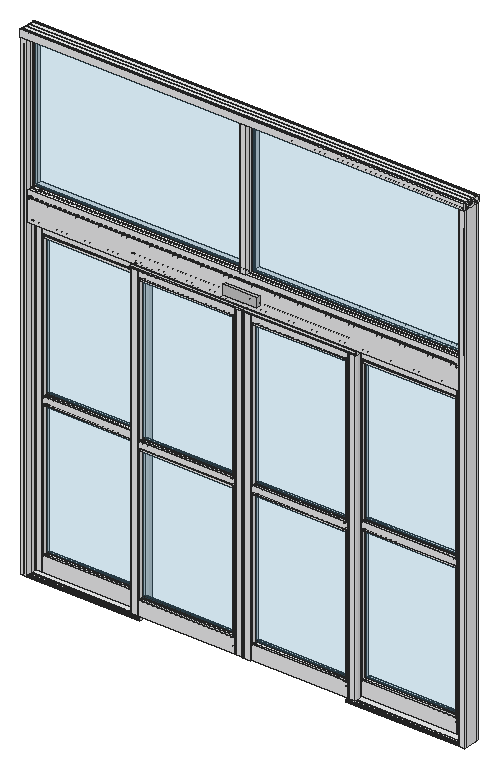
Revit family "2-6-11_Sliding-Door_TX9300SL_Bipart-Inside-Slide-w-Transom-SO-SX-SX-SO_Tormax", category Doors, host Wall, Revit 2026 (continued)
Definition of nested family "Door-Sliding-Tormax-Panel-SO"
  Dimensions and locks (in)
    plane 16 to Sweep 2 sketch curve to Sweep 2 sketch curve = 0' - 1.37502" locked, 0' - 0 1/8" locked
    equal spacing: plane 13, plane 18 "Handle", plane 11
    locked: plane 19 to plane 2 at 0.5
    plane 20 to plane 17 = 0' - 0 1/2"
    plane 4 to plane 21 = 0' - 0 1/8"
    locked: plane 4 to plane 21 at 0.125
    "Width": radius of curve 2
    aligned and locked: plane 2 to level
    aligned and locked: Sweep 1 sketch curve to plane 10
    aligned and locked: plane 12 to Sweep 2 sketch curve
    aligned and locked: plane 13 to Sweep 2 sketch curve
    aligned and locked: Sweep 2 sketch curve to plane 2
    aligned and locked: plane 14 to Sweep 2 sketch curve
    aligned and locked: Sweep 2 sketch curve to plane 14
    aligned and locked: plane 11 to Sweep 3 sketch curve
    aligned and locked: plane 13 to Sweep 3 sketch curve
    aligned and locked: plane 3 "Center (Left/Right)" to Sweep 4 sketch curve
    aligned and locked: plane 15 to Sweep 4 sketch curve
    aligned and locked: plane 17 to Sweep 4 sketch curve
    aligned and locked: Sweep 4 sketch curve to plane 13
    aligned and locked: plane 13 to Sweep 4 sketch curve
    aligned and locked: plane 12 to Sweep 4 sketch curve
    aligned and locked: Sweep 4 sketch curve to plane 12
    aligned and locked: plane 6 to Extrusion 5 sketch curve
    aligned and locked: plane 7 to Extrusion 5 sketch curve
    aligned and locked: Sweep 6 sketch curve to plane 5
    aligned and locked: plane 16 to Sweep 7 sketch curve
    aligned and locked: plane 14 to Sweep 7 sketch curve
    aligned and locked: plane 12 to Sweep 7 sketch curve
    aligned and locked: Sweep 7 sketch curve to plane 12
    aligned and locked: Sweep 7 sketch curve to plane 13
    aligned and locked: plane 13 to Sweep 7 sketch curve
    aligned and locked: Sweep 2 sketch curve to plane 16  (x2)
    aligned and locked: plane 9 "Exterior" to curve 2  (x2)
    aligned and locked: plane 10 to curve 2
    aligned and locked: plane 5 to curve 4
    aligned and locked: plane 10 to curve 3
    aligned and locked: Sweep 6 sketch curve to plane 17
    aligned and locked: plane 17 to Sweep 6 sketch curve
    aligned and locked: plane 20 to Sweep 6 sketch curve
    aligned and locked: Sweep 6 sketch curve to plane 20
    aligned and locked: Sweep 2 sketch curve to plane 19  (x2)
    aligned and locked: plane 17 to Sweep 2 sketch curve  (x2)
    aligned and locked: Sweep 1 sketch curve to plane 12  (x2)
    aligned and locked: Sweep 3 sketch curve to plane 9 "Exterior"
    aligned and locked: plane 8 "Interior" to Sweep 3 sketch curve
    aligned and locked: plane 19 to Sweep 1 sketch curve
    aligned and locked: plane 19 to Sweep 3 sketch curve
    aligned and locked: plane 19 to curve 4
    aligned and locked: plane 11 to curve 4
    aligned and locked: Sweep 2 sketch curve to plane 21  (x2)
    aligned and locked: plane 21 to Sweep 1 sketch curve
    aligned and locked: plane 11 to curve 3
    aligned and locked: plane 21 to curve 3
    aligned and locked: plane 21 to Sweep 3 sketch curve
  Automatic sketch dimensions
    Sweep 4 sketch curve to Sweep 4 sketch curve = 0' - 0.0122"
    Sweep 4 sketch curve to plane 1 "Center (Front/Back)" = 0' - 0.13997"
    Sweep 4 sketch curve to Sweep 4 sketch curve = 0' - 0"  (x5)
    Sweep 4 sketch curve to Sweep 4 sketch curve = 0' - 0.01301"  (x2)
    plane 1 "Center (Front/Back)" to Sweep 4 sketch curve = 0' - 0.6157"
    Sweep 4 sketch curve to Sweep 4 sketch curve = 0' - 0.04373"  (x2)
    Sweep 4 sketch curve to Sweep 4 sketch curve = 0' - 0.06431"  (x2)
    Sweep 4 sketch curve to Sweep 4 sketch curve = 0' - 0.05599"
    Sweep 4 sketch curve to Sweep 4 sketch curve = 0' - 0.05"  (x8)
    Sweep 4 sketch curve to Sweep 4 sketch curve = 0' - 0.13079"  (x2)
    Sweep 4 sketch curve to Sweep 4 sketch curve = 0' - 0.1438"  (x2)
    Sweep 4 sketch curve to Sweep 4 sketch curve = 0' - 0.0339"  (x2)
    Sweep 4 sketch curve to Sweep 4 sketch curve = 0' - 0.05017"  (x2)
    plane 1 "Center (Front/Back)" to Sweep 4 sketch curve = 0' - 0.49166"
    Sweep 4 sketch curve to Sweep 4 sketch curve = 0' - 0.12404"  (x2)
    Sweep 4 sketch curve to Sweep 4 sketch curve = 0' - 0.06616"  (x2)
    Sweep 4 sketch curve to Sweep 4 sketch curve = 0' - 0.08665"  (x3)
    Sweep 4 sketch curve to Sweep 4 sketch curve = 0' - 0.00586"  (x2)
    Sweep 4 sketch curve to Sweep 4 sketch curve = 0' - 0.0682"  (x2)
    Sweep 4 sketch curve to Sweep 4 sketch curve = 0' - 0.11234"
    Sweep 4 sketch curve to Sweep 4 sketch curve = 0' - 0.09942"  (x4)
    Sweep 4 sketch curve to Sweep 4 sketch curve = 0' - 0.04966"  (x4)
    Sweep 4 sketch curve to plane 1 "Center (Front/Back)" = 0' - 0.12483"
    Sweep 4 sketch curve to Sweep 4 sketch curve = 0' - 0.00209"  (x2)
    Sweep 4 sketch curve to Sweep 4 sketch curve = 0' - 0.03487"  (x4)
    plane 1 "Center (Front/Back)" to Sweep 4 sketch curve = 0' - 0.20955"  (x2)
    plane 1 "Center (Front/Back)" to Sweep 4 sketch curve = 0' - 0.07259"  (x2)
    Sweep 4 sketch curve to Sweep 4 sketch curve = 0' - 0.0719"  (x4)
    Sweep 4 sketch curve to plane 1 "Center (Front/Back)" = 0' - 0.07259"  (x2)
    Sweep 4 sketch curve to plane 1 "Center (Front/Back)" = 0' - 0.09459"  (x2)
    Sweep 4 sketch curve to Sweep 4 sketch curve = 0' - 0.02199"  (x4)
    plane 1 "Center (Front/Back)" to Sweep 4 sketch curve = 0' - 0.09459"  (x2)
    Sweep 4 sketch curve to Sweep 4 sketch curve = 0' - 0.06113"
    Sweep 4 sketch curve to plane 1 "Center (Front/Back)" = 0' - 0.20955"
    plane 1 "Center (Front/Back)" to Sweep 4 sketch curve = 0' - 0.12483"
    Sweep 4 sketch curve to Sweep 4 sketch curve = 0' - 0.06234"
    Sweep 4 sketch curve to Sweep 4 sketch curve = 0' - 0.03026"
    Sweep 4 sketch curve to Sweep 4 sketch curve = 0' - 0.14248"
    Sweep 4 sketch curve to Sweep 4 sketch curve = 0' - 0.09251"
    Sweep 4 sketch curve to Sweep 4 sketch curve = 0' - 0.13361"
    Sweep 4 sketch curve to plane 1 "Center (Front/Back)" = 0' - 0.25955"
    Sweep 4 sketch curve to Sweep 4 sketch curve = 0' - 0.11958"
    Sweep 4 sketch curve to Sweep 4 sketch curve = 0' - 0.14365"
    Sweep 4 sketch curve to Sweep 4 sketch curve = 0' - 0.19365"  (x3)
    Sweep 4 sketch curve to Sweep 4 sketch curve = 0' - 0.25378"  (x2)
    Sweep 4 sketch curve to Sweep 4 sketch curve = 0' - 0.4219"  (x2)
    Sweep 4 sketch curve to Sweep 4 sketch curve = 0' - 0.04971"  (x4)
    Sweep 4 sketch curve to Sweep 4 sketch curve = 0' - 0.08472"  (x5)
    Sweep 4 sketch curve to Sweep 4 sketch curve = 0' - 0.05012"  (x4)
    Sweep 4 sketch curve to Sweep 4 sketch curve = 0' - 0.06945"
    Sweep 4 sketch curve to Sweep 4 sketch curve = 0' - 0.06958"  (x2)
    plane 1 "Center (Front/Back)" to Sweep 4 sketch curve = 0' - 0.13997"  (x2)
    Sweep 4 sketch curve to Sweep 4 sketch curve = 0' - 0.04722"
    Sweep 4 sketch curve to Sweep 4 sketch curve = 0' - 0.02777"
    Sweep 4 sketch curve to Sweep 4 sketch curve = 0' - 0.04144"  (x2)
    Sweep 4 sketch curve to Sweep 4 sketch curve = 0' - 0.08847"
    Sweep 4 sketch curve to Sweep 4 sketch curve = 0' - 0.0904"  (x2)
    Sweep 4 sketch curve to Sweep 4 sketch curve = 0' - 0.04991"  (x2)
    Sweep 4 sketch curve to Sweep 4 sketch curve = 0' - 0.01286"  (x2)
    Sweep 4 sketch curve to Sweep 4 sketch curve = 0' - 0.06296"  (x2)
    Sweep 4 sketch curve to Sweep 4 sketch curve = 0' - 0.09922"  (x2)
    Sweep 4 sketch curve to Sweep 4 sketch curve = 0' - 0.08367"  (x2)
    Sweep 7 sketch curve to plane 3 "Center (Left/Right)" = 0' - 0"
    plane 1 "Center (Front/Back)" to Sweep 7 sketch curve = 0' - 0.1901"
    Sweep 7 sketch curve to Sweep 7 sketch curve = 0' - 0"  (x6)
    Sweep 7 sketch curve to Sweep 7 sketch curve = 0' - 0.00628"
    Sweep 7 sketch curve to Sweep 7 sketch curve = 0' - 0.05"  (x8)
    Sweep 7 sketch curve to Sweep 7 sketch curve = 0' - 0.05599"
    Sweep 7 sketch curve to Sweep 7 sketch curve = 0' - 0.13079"  (x2)
    Sweep 7 sketch curve to Sweep 7 sketch curve = 0' - 0.1438"  (x2)
    Sweep 7 sketch curve to Sweep 7 sketch curve = 0' - 0.06431"  (x2)
    Sweep 7 sketch curve to Sweep 7 sketch curve = 0' - 0.04373"  (x2)
    Sweep 7 sketch curve to Sweep 7 sketch curve = 0' - 0.0339"  (x2)
    Sweep 7 sketch curve to Sweep 7 sketch curve = 0' - 0.05017"  (x2)
    plane 1 "Center (Front/Back)" to Sweep 7 sketch curve = 0' - 0.49166"
    Sweep 7 sketch curve to Sweep 7 sketch curve = 0' - 0.12404"  (x3)
    Sweep 7 sketch curve to Sweep 7 sketch curve = 0' - 0.06616"  (x2)
    Sweep 7 sketch curve to Sweep 7 sketch curve = 0' - 0.08665"  (x3)
    Sweep 7 sketch curve to Sweep 7 sketch curve = 0' - 0.00586"  (x2)
    Sweep 7 sketch curve to Sweep 7 sketch curve = 0' - 0.0682"  (x2)
    Sweep 7 sketch curve to Sweep 7 sketch curve = 0' - 0.11234"
    Sweep 7 sketch curve to Sweep 7 sketch curve = 0' - 0.09942"  (x4)
    Sweep 7 sketch curve to Sweep 7 sketch curve = 0' - 0.04966"  (x4)
    Sweep 7 sketch curve to plane 1 "Center (Front/Back)" = 0' - 0.12483"
    Sweep 7 sketch curve to Sweep 7 sketch curve = 0' - 0.00209"  (x2)
    Sweep 7 sketch curve to Sweep 7 sketch curve = 0' - 0.03487"  (x4)
    plane 1 "Center (Front/Back)" to Sweep 7 sketch curve = 0' - 0.20955"  (x2)
    plane 1 "Center (Front/Back)" to Sweep 7 sketch curve = 0' - 0.07259"  (x2)
    Sweep 7 sketch curve to Sweep 7 sketch curve = 0' - 0.0719"  (x4)
    Sweep 7 sketch curve to plane 1 "Center (Front/Back)" = 0' - 0.07259"  (x2)
    Sweep 7 sketch curve to plane 1 "Center (Front/Back)" = 0' - 0.09459"  (x2)
    Sweep 7 sketch curve to Sweep 7 sketch curve = 0' - 0.02199"  (x4)
    plane 1 "Center (Front/Back)" to Sweep 7 sketch curve = 0' - 0.09459"  (x2)
    Sweep 7 sketch curve to plane 1 "Center (Front/Back)" = 0' - 0.20955"
    Sweep 7 sketch curve to Sweep 7 sketch curve = 0' - 0.06113"
    plane 1 "Center (Front/Back)" to Sweep 7 sketch curve = 0' - 0.12483"
    Sweep 7 sketch curve to Sweep 7 sketch curve = 0' - 0.06234"
    Sweep 7 sketch curve to Sweep 7 sketch curve = 0' - 0.03026"
    Sweep 7 sketch curve to Sweep 7 sketch curve = 0' - 0.14248"
    Sweep 7 sketch curve to Sweep 7 sketch curve = 0' - 0.09251"
    Sweep 7 sketch curve to Sweep 7 sketch curve = 0' - 0.01301"
    Sweep 7 sketch curve to Sweep 7 sketch curve = 0' - 0.13361"
    Sweep 7 sketch curve to plane 1 "Center (Front/Back)" = 0' - 0.25955"  (x2)
    Sweep 7 sketch curve to Sweep 7 sketch curve = 0' - 0.14365"
    Sweep 7 sketch curve to Sweep 7 sketch curve = 0' - 0.19365"  (x3)
    Sweep 7 sketch curve to Sweep 7 sketch curve = 0' - 0.25378"  (x2)
    Sweep 7 sketch curve to Sweep 7 sketch curve = 0' - 0.4219"  (x2)
    Sweep 7 sketch curve to Sweep 7 sketch curve = 0' - 0.04971"  (x4)
    Sweep 7 sketch curve to Sweep 7 sketch curve = 0' - 0.08472"  (x5)
    Sweep 7 sketch curve to Sweep 7 sketch curve = 0' - 0.06945"  (x2)
    Sweep 7 sketch curve to Sweep 7 sketch curve = 0' - 0.05012"  (x4)
    Sweep 7 sketch curve to Sweep 7 sketch curve = 0' - 0.06958"  (x2)
    plane 1 "Center (Front/Back)" to Sweep 7 sketch curve = 0' - 0.13997"
    Sweep 7 sketch curve to Sweep 7 sketch curve = 0' - 0.04722"
    Sweep 7 sketch curve to Sweep 7 sketch curve = 0' - 0.02777"
    Sweep 7 sketch curve to Sweep 7 sketch curve = 0' - 0.04144"  (x2)
    Sweep 7 sketch curve to Sweep 7 sketch curve = 0' - 0.08847"
    Sweep 7 sketch curve to Sweep 7 sketch curve = 0' - 0.0904"  (x2)
    Sweep 7 sketch curve to Sweep 7 sketch curve = 0' - 0.04991"  (x2)
    Sweep 7 sketch curve to Sweep 7 sketch curve = 0' - 0.01286"  (x2)
    Sweep 7 sketch curve to Sweep 7 sketch curve = 0' - 0.06296"  (x2)
    Sweep 7 sketch curve to Sweep 7 sketch curve = 0' - 0.09922"  (x2)
    Sweep 7 sketch curve to Sweep 7 sketch curve = 0' - 0.08367"  (x2)
    Extrusion 8 sketch curve to plane 7 = 0' - 0"
    plane 6 to Extrusion 8 sketch curve = 0' - 0"
    plane 12 to Extrusion 8 sketch curve = 0' - 0.29207"
    plane 13 to Extrusion 8 sketch curve = 0' - 0.29207"
    Sweep 3 sketch curve to Sweep 3 sketch curve = 0' - 0.09725"
    Sweep 3 sketch curve to Sweep 3 sketch curve = 0' - 0.09783"  (x2)
    Sweep 3 sketch curve to Sweep 3 sketch curve = 0' - 0.05875"
    Sweep 3 sketch curve to Sweep 3 sketch curve = 0' - 0 1/8"
    Sweep 3 sketch curve to Sweep 3 sketch curve = 0' - 0.05648"
    Sweep 3 sketch curve to Sweep 3 sketch curve = 0' - 0"  (x5)
    Sweep 3 sketch curve to Sweep 3 sketch curve = 0' - 0.05615"
    Sweep 3 sketch curve to Sweep 3 sketch curve = 0' - 0.14517"  (x2)
    Sweep 3 sketch curve to Sweep 3 sketch curve = 0' - 0.11943"  (x2)
    curve 1 to plane 9 "Exterior" = 0' - 0"
    Sweep 2 sketch curve to plane 1 "Center (Front/Back)" = 0' - 0.77099"  (x2)
    Sweep 2 sketch curve to Sweep 2 sketch curve = 0' - 0.1095"  (x4)
    plane 1 "Center (Front/Back)" to Sweep 2 sketch curve = 0' - 0.77099"  (x2)
    Sweep 2 sketch curve to Sweep 2 sketch curve = 0' - 0.0465"  (x3)
    Sweep 2 sketch curve to Sweep 2 sketch curve = 0' - 0.15"
    Sweep 2 sketch curve to Sweep 2 sketch curve = 0' - 0.213"  (x2)
    Sweep 2 sketch curve to Sweep 2 sketch curve = 0' - 0.25131"  (x2)
    Sweep 2 sketch curve to Sweep 2 sketch curve = 0' - 0.44928"  (x2)
    Sweep 2 sketch curve to Sweep 2 sketch curve = 0' - 0.24941"
    Sweep 2 sketch curve to Sweep 2 sketch curve = 0' - 0 1/8"  (x4)
    plane 1 "Center (Front/Back)" to Sweep 2 sketch curve = 0' - 0.70777"
    plane 1 "Center (Front/Back)" to Sweep 2 sketch curve = 0' - 0.8749"
    Sweep 2 sketch curve to Sweep 2 sketch curve = 0' - 0.10643"  (x4)
    plane 1 "Center (Front/Back)" to Sweep 2 sketch curve = 0' - 0.77066"  (x2)
    Sweep 2 sketch curve to Sweep 2 sketch curve = 0' - 0.04951"
    Sweep 2 sketch curve to Sweep 2 sketch curve = 0' - 0.12461"
    Sweep 2 sketch curve to Sweep 2 sketch curve = 0' - 0.24666"  (x2)
    Sweep 2 sketch curve to Sweep 2 sketch curve = 0' - 0.45154"  (x2)
    Sweep 2 sketch curve to Sweep 2 sketch curve = 0' - 0.25159"  (x2)
    Sweep 2 sketch curve to Sweep 2 sketch curve = 0' - 0.13262"  (x2)
    Sweep 2 sketch curve to Sweep 2 sketch curve = 0' - 0.25063"  (x3)
    Sweep 2 sketch curve to Sweep 2 sketch curve = 0' - 0.44876"  (x2)
    Sweep 2 sketch curve to Sweep 2 sketch curve = 0' - 0.46757"
    Sweep 2 sketch curve to Sweep 2 sketch curve = 0' - 0.28811"
    Sweep 2 sketch curve to Sweep 2 sketch curve = 0' - 0.03633"
    Sweep 2 sketch curve to plane 1 "Center (Front/Back)" = 0' - 0.77066"
    Sweep 2 sketch curve to Sweep 2 sketch curve = 0' - 0.04797"
    Sweep 2 sketch curve to Sweep 2 sketch curve = 0' - 0.12615"
    Sweep 2 sketch curve to Sweep 2 sketch curve = 0' - 0.31245"  (x2)
    Sweep 2 sketch curve to Sweep 2 sketch curve = 0' - 0.325"  (x2)
    Sweep 2 sketch curve to Sweep 2 sketch curve = 0' - 0.31234"
    Sweep 2 sketch curve to Sweep 2 sketch curve = 0' - 0.31233"
    Sweep 2 sketch curve to plane 1 "Center (Front/Back)" = 0' - 0.8749"  (x2)
    Sweep 2 sketch curve to Sweep 2 sketch curve = 0' - 0.10401"  (x2)
    Sweep 2 sketch curve to Sweep 2 sketch curve = 0' - 0.10425"  (x2)
    Sweep 2 sketch curve to plane 1 "Center (Front/Back)" = 0' - 0.76481"
    Sweep 2 sketch curve to Sweep 2 sketch curve = 0' - 0.01099"
    Sweep 2 sketch curve to Sweep 2 sketch curve = 0' - 0"  (x2)
    Sweep 2 sketch curve to plane 1 "Center (Front/Back)" = 0' - 0.75305"
    Sweep 2 sketch curve to Sweep 2 sketch curve = 0' - 0.00306"
    Sweep 2 sketch curve to Sweep 2 sketch curve = 0' - 0.015"
    Sweep 2 sketch curve to Sweep 2 sketch curve = 0' - 0.031"  (x6)
    Sweep 2 sketch curve to Sweep 2 sketch curve = 0' - 0.05166"  (x2)
    Sweep 2 sketch curve to Sweep 2 sketch curve = 0' - 0.03386"  (x2)
    Sweep 2 sketch curve to Sweep 2 sketch curve = 0' - 0.05146"  (x2)
    Sweep 2 sketch curve to Sweep 2 sketch curve = 0' - 0.00039"
    Sweep 2 sketch curve to Sweep 2 sketch curve = 0' - 0.06145"  (x4)
    Sweep 2 sketch curve to Sweep 2 sketch curve = 0' - 0.06322"  (x3)
    Sweep 2 sketch curve to Sweep 2 sketch curve = 0' - 0.239"
    Sweep 2 sketch curve to Sweep 2 sketch curve = 0' - 0.21"  (x2)
    Sweep 2 sketch curve to Sweep 2 sketch curve = 0' - 0.344"  (x2)
    Sweep 2 sketch curve to Sweep 2 sketch curve = 0' - 0.1"
    plane 1 "Center (Front/Back)" to Sweep 2 sketch curve = 0' - 0 3/8"
    Sweep 2 sketch curve to Sweep 2 sketch curve = 0' - 0.25199"
    plane 1 "Center (Front/Back)" to Sweep 2 sketch curve = 0' - 0.5938"
    Sweep 2 sketch curve to Sweep 2 sketch curve = 0' - 0 3/8"
    Sweep 2 sketch curve to Sweep 2 sketch curve = 0' - 0.12539"
    Sweep 2 sketch curve to Sweep 2 sketch curve = 0' - 0.04199"
    Sweep 2 sketch curve to Sweep 2 sketch curve = 0' - 0.03119"
    Sweep 2 sketch curve to Sweep 2 sketch curve = 0' - 0.03141"
    Sweep 6 sketch curve to plane 1 "Center (Front/Back)" = 0' - 0.13997"  (x2)
    Sweep 6 sketch curve to plane 20 = 0' - 0.512"
    Sweep 6 sketch curve to Sweep 6 sketch curve = 0' - 0"  (x13)
    Sweep 6 sketch curve to Sweep 6 sketch curve = 0' - 0.01301"  (x4)
    Sweep 6 sketch curve to Sweep 6 sketch curve = 0' - 0.04548"
    Sweep 6 sketch curve to Sweep 6 sketch curve = 0' - 0.06431"  (x4)
    Sweep 6 sketch curve to Sweep 6 sketch curve = 0' - 0.05436"
    Sweep 6 sketch curve to Sweep 6 sketch curve = 0' - 0.05"  (x20)
    Sweep 6 sketch curve to Sweep 6 sketch curve = 0' - 0.13079"  (x4)
    Sweep 6 sketch curve to Sweep 6 sketch curve = 0' - 0.1438"  (x4)
    Sweep 6 sketch curve to Sweep 6 sketch curve = 0' - 0.03378"
    Sweep 6 sketch curve to Sweep 6 sketch curve = 0' - 0.05017"  (x4)
    Sweep 6 sketch curve to Sweep 6 sketch curve = 0' - 0.09251"
    Sweep 6 sketch curve to Sweep 6 sketch curve = 0' - 0.06616"  (x4)
    Sweep 6 sketch curve to Sweep 6 sketch curve = 0' - 0.08665"  (x4)
    Sweep 6 sketch curve to Sweep 6 sketch curve = 0' - 0.04414"  (x2)
    Sweep 6 sketch curve to Sweep 6 sketch curve = 0' - 0.0682"  (x4)
    Sweep 6 sketch curve to Sweep 6 sketch curve = 0' - 0.06234"  (x3)
    Sweep 6 sketch curve to Sweep 6 sketch curve = 0' - 0.09942"  (x8)
    Sweep 6 sketch curve to plane 20 = 0' - 0.04966"  (x2)
    plane 20 to Sweep 6 sketch curve = 0' - 0.00209"  (x2)
    Sweep 6 sketch curve to Sweep 6 sketch curve = 0' - 0.03487"  (x7)
    plane 20 to Sweep 6 sketch curve = 0' - 0.03487"
    plane 20 to Sweep 6 sketch curve = 0' - 0.074"  (x2)
    Sweep 6 sketch curve to Sweep 6 sketch curve = 0' - 0.02199"  (x10)
    Sweep 6 sketch curve to plane 1 "Center (Front/Back)" = 0' - 0.09459"  (x4)
    profile plane to Sweep 6 sketch curve = 0' - 1.47079"
    plane 1 "Center (Front/Back)" to Sweep 6 sketch curve = 0' - 0.09459"  (x3)
    Sweep 6 sketch curve to plane 1 "Center (Front/Back)" = 0' - 0.07259"  (x3)
    plane 1 "Center (Front/Back)" to Sweep 6 sketch curve = 0' - 0.07259"  (x4)
    Sweep 6 sketch curve to Sweep 6 sketch curve = 0' - 0.06113"  (x4)
    Sweep 6 sketch curve to Sweep 6 sketch curve = 0' - 0.0719"  (x6)
    Sweep 6 sketch curve to Sweep 6 sketch curve = 0' - 0.04966"  (x6)
    Sweep 6 sketch curve to Sweep 6 sketch curve = 0' - 0.20772"  (x4)
    Sweep 6 sketch curve to Sweep 6 sketch curve = 0' - 0.00586"  (x3)
    Sweep 6 sketch curve to Sweep 6 sketch curve = 0' - 0.03026"  (x2)
    Sweep 6 sketch curve to Sweep 6 sketch curve = 0' - 0.14248"  (x2)
    Sweep 6 sketch curve to Sweep 6 sketch curve = 0' - 0.10006"  (x2)
    Sweep 6 sketch curve to Sweep 6 sketch curve = 0' - 0.04373"  (x3)
    Sweep 6 sketch curve to Sweep 6 sketch curve = 0' - 0.05599"  (x2)
    Sweep 6 sketch curve to profile plane = 0' - 0.719"
    Sweep 6 sketch curve to Sweep 6 sketch curve = 0' - 0.00628"
    Sweep 6 sketch curve to Sweep 6 sketch curve = 0' - 0.09169"
    Sweep 6 sketch curve to Sweep 6 sketch curve = 0' - 0.0339"
    Sweep 6 sketch curve to Sweep 6 sketch curve = 0' - 0.12404"  (x4)
    Sweep 6 sketch curve to Sweep 6 sketch curve = 0' - 0.11234"
    Sweep 6 sketch curve to Sweep 6 sketch curve = 0' - 0.35009"
    Sweep 6 sketch curve to Sweep 6 sketch curve = 0' - 0.15807"
    Sweep 6 sketch curve to Sweep 6 sketch curve = 0' - 0.00209"  (x2)
    Sweep 6 sketch curve to plane 1 "Center (Front/Back)" = 0' - 0.20955"  (x3)
    Sweep 6 sketch curve to Sweep 6 sketch curve = 3' - 1.80842"
    plane 1 "Center (Front/Back)" to Sweep 6 sketch curve = 0' - 0.58206"
    plane 1 "Center (Front/Back)" to Sweep 6 sketch curve = 0' - 0.49166"
    Sweep 6 sketch curve to Sweep 6 sketch curve = 0' - 0.13361"
    Sweep 6 sketch curve to Sweep 6 sketch curve = 0' - 0.11496"
    Sweep 6 sketch curve to plane 1 "Center (Front/Back)" = 0' - 0.25955"  (x2)
    Sweep 6 sketch curve to Sweep 6 sketch curve = 0' - 0.11958"  (x2)
    Sweep 6 sketch curve to Sweep 6 sketch curve = 0' - 0.14365"  (x4)
    Sweep 6 sketch curve to Sweep 6 sketch curve = 0' - 0.25378"  (x4)
    Sweep 6 sketch curve to Sweep 6 sketch curve = 0' - 0.11812"  (x2)
    Sweep 6 sketch curve to Sweep 6 sketch curve = 0' - 0.4219"  (x2)
    Sweep 6 sketch curve to Sweep 6 sketch curve = 0' - 0.04971"  (x8)
    Sweep 6 sketch curve to Sweep 6 sketch curve = 0' - 0.05012"  (x7)
    Sweep 6 sketch curve to Sweep 6 sketch curve = 0' - 0.06945"  (x2)
    Sweep 6 sketch curve to Sweep 6 sketch curve = 0' - 0.06958"  (x2)
    Sweep 6 sketch curve to Sweep 6 sketch curve = 0' - 0.08472"  (x11)
    plane 1 "Center (Front/Back)" to Sweep 6 sketch curve = 0' - 0.12483"  (x4)
    plane 1 "Center (Front/Back)" to Sweep 6 sketch curve = 0' - 0.13997"  (x4)
    Sweep 6 sketch curve to Sweep 6 sketch curve = 0' - 0.02777"  (x2)
    Sweep 6 sketch curve to Sweep 6 sketch curve = 0' - 0.04722"  (x2)
    Sweep 6 sketch curve to Sweep 6 sketch curve = 0' - 0.04144"  (x4)
    Sweep 6 sketch curve to Sweep 6 sketch curve = 0' - 0.19365"  (x2)
    Sweep 6 sketch curve to Sweep 6 sketch curve = 0' - 0.07336"  (x2)
    Sweep 6 sketch curve to Sweep 6 sketch curve = 0' - 0.08651"
    Sweep 6 sketch curve to Sweep 6 sketch curve = 0' - 0.08847"  (x2)
    Sweep 6 sketch curve to Sweep 6 sketch curve = 0' - 0.09235"
    Sweep 6 sketch curve to Sweep 6 sketch curve = 0' - 0.0904"  (x2)
    Sweep 6 sketch curve to Sweep 6 sketch curve = 0' - 0.12599"
    Sweep 6 sketch curve to Sweep 6 sketch curve = 0' - 0.04991"  (x4)
    Sweep 6 sketch curve to Sweep 6 sketch curve = 0' - 0.01286"  (x3)
    Sweep 6 sketch curve to Sweep 6 sketch curve = 0' - 0.01318"
    Sweep 6 sketch curve to Sweep 6 sketch curve = 0' - 0.06296"  (x3)
    Sweep 6 sketch curve to Sweep 6 sketch curve = 0' - 0.06264"
    Sweep 6 sketch curve to Sweep 6 sketch curve = 0' - 0.09922"  (x4)
    Sweep 6 sketch curve to Sweep 6 sketch curve = 0' - 0.08367"  (x4)
    Sweep 2 sketch curve to plane 1 "Center (Front/Back)" = 0' - 0 3/4"
    Sweep 2 sketch curve to Sweep 2 sketch curve = 0' - 0.57201"
    Sweep 1 sketch curve to Sweep 1 sketch curve = 0' - 0"  (x9)
    plane 1 "Center (Front/Back)" to Sweep 1 sketch curve = 0' - 0"
    Sweep 1 sketch curve to Sweep 1 sketch curve = 0' - 0.83845"
    Sweep 1 sketch curve to plane 1 "Center (Front/Back)" = 0' - 0.70835"
    Sweep 1 sketch curve to Sweep 1 sketch curve = 0' - 0.09725"
    Sweep 1 sketch curve to Sweep 1 sketch curve = 0' - 0.09783"
    Sweep 1 sketch curve to Sweep 1 sketch curve = 0' - 0.05875"
    Sweep 1 sketch curve to Sweep 1 sketch curve = 0' - 0 1/8"
    profile plane to Sweep 1 sketch curve = 0' - 0.33616"
    profile plane to Sweep 1 sketch curve = 0' - 0.33606"
    Sweep 1 sketch curve to Sweep 1 sketch curve = 0' - 0.05805"
    Sweep 1 sketch curve to Sweep 1 sketch curve = 0' - 0.05815"
    profile plane to Sweep 1 sketch curve = 0' - 0.25342"  (x2)
    Sweep 1 sketch curve to Sweep 1 sketch curve = 0' - 0.00312"
    Sweep 1 sketch curve to Sweep 1 sketch curve = 0' - 0.07719"  (x2)
    Sweep 1 sketch curve to Sweep 1 sketch curve = 0' - 0.06839"  (x2)
    Sweep 1 sketch curve to Sweep 1 sketch curve = 0' - 0.01995"  (x2)
    Sweep 1 sketch curve to Sweep 1 sketch curve = 0' - 0.03503"  (x2)
    Sweep 1 sketch curve to Sweep 1 sketch curve = 0' - 0.05764"  (x2)
    Sweep 1 sketch curve to Sweep 1 sketch curve = 0' - 0.05533"  (x2)
    Sweep 1 sketch curve to Sweep 1 sketch curve = 0' - 0.07528"  (x2)
    Sweep 1 sketch curve to Sweep 1 sketch curve = 0' - 0.07175"  (x2)
    profile plane to Sweep 1 sketch curve = 0' - 0.05562"  (x2)
    Sweep 1 sketch curve to Sweep 1 sketch curve = 0' - 0.05648"  (x2)
    Sweep 1 sketch curve to Sweep 1 sketch curve = 0' - 0.01193"
    Sweep 1 sketch curve to Sweep 1 sketch curve = 0' - 0.02003"  (x2)
    Sweep 1 sketch curve to Sweep 1 sketch curve = 0' - 0.07597"
    Sweep 1 sketch curve to Sweep 1 sketch curve = 0' - 0.01512"
    Sweep 1 sketch curve to plane 1 "Center (Front/Back)" = 0' - 0.18239"
    plane 1 "Center (Front/Back)" to Sweep 1 sketch curve = 0' - 0.18239"
    Sweep 1 sketch curve to Sweep 1 sketch curve = 0' - 0.19693"
    Sweep 1 sketch curve to Sweep 1 sketch curve = 0' - 0.07617"
    Sweep 1 sketch curve to Sweep 1 sketch curve = 0' - 0.01817"
    Sweep 1 sketch curve to Sweep 1 sketch curve = 0' - 0.05615"
    plane 1 "Center (Front/Back)" to Sweep 3 sketch curve = 0' - 0"
    Sweep 3 sketch curve to Sweep 3 sketch curve = 0' - 0.00033"
    Sweep 3 sketch curve to profile plane = 0' - 0.14318"
    Sweep 3 sketch curve to profile plane = 0' - 0.13087"
    Sweep 3 sketch curve to Sweep 3 sketch curve = 0' - 0.0869"
    Sweep 3 sketch curve to Sweep 3 sketch curve = 0' - 0.08681"
    plane 1 "Center (Front/Back)" to Sweep 3 sketch curve = 0' - 0.18239"
Definition of nested family "Door-Sliding-Tormax-Panel-SX_2.6"
  Parameters (values of type "Door-Sliding-Tormax-Panel-SX")
    Width = 3' - 5 7/16"
    Thickness = 0' - 1.82"  # constant formula
    Height = 7' - 1"
    Handle Material = none
    Glass = none
    Frame Material = none
    Door Swing = Width - 0' 1.047"  # 3' - 4.3905"
    Define Thermal Properties by = 1
    Default Elevation = 0' - 0"
    Analytic Construction = "<None>"
  Reference planes (in)
    plane 1 "Center (Front/Back)": y = 0
    plane 2: z = 0
    plane 3 "Center (Left/Right)": x = 0
    plane 4: z = 85
    plane 5: z = 42
    plane 6: y = 0.12483
    plane 7: y = -0.12517
    plane 8 "EXTERIOR": y = -0.91
    plane 9 "INTERIOR": y = 0.91
    plane 10: x = -20.71875
    plane 11: x = 20.71875
    plane 12: x = -18.59375
    plane 13: x = 18.59375
    plane 14: z = 42.875
    plane 15: z = 41.125
    plane 16: z = 81.8749
    plane 17: z = 4.5
    plane 18: z = 0.5
    plane 19: x = -19.67175
    plane 20: z = 83.6249
  Forms (in)
    Sweep 1, solid, material <- "Frame Material"
      path origin (0, 0, 0) x (1, 0, 0) y (0, 0, 1)
        loop
          line (-20.71875, 0.5) -> (-20.71875, 83.6249)
      profile origin (-20.71875, 0, 42.06245) x (-1, 0, 0) y (0, -1, 0)
        loop
          line (-0.25, -0.18701) -> (-0.25, 0.18701) -> (-0.13107, 0.18701)
          arc (-0.13107, 0.18701) -> (-0.16494, 0.47848) -> (-0.22824, 0.765) r 2.88588
          line (-0.22824, 0.765) -> (-1.844, 0.765) -> (-1.844, -0.765) -> (-0.22824, -0.765)
          arc (-0.22824, -0.765) -> (-0.16494, -0.47848) -> (-0.13107, -0.18701) r 2.88588
          line (-0.13107, -0.18701) -> (-0.25, -0.18701)
        loop
          arc (-0.14081, -0.91) -> (0, 0) -> (-0.14081, 0.91) r 3.01088
          line (-0.14081, 0.91) -> (-2.125, 0.91) -> (-2.125, 0.70839) -> (-2.00861, 0.77559) -> (-1.969, 0.77559) -> (-1.969, -0.77559) -> (-2.00861, -0.77559) -> (-2.125, -0.70839) -> (-2.125, -0.91) -> (-0.14081, -0.91)
    Sweep 2, solid, material <- "Frame Material"
      path origin (0, 0, 0) x (1, 0, 0) y (0, 0, 1)
        loop
          line (-18.59375, 0) -> (18.59375, 0)
      profile origin (0, 0, 0) x (0, 0, 1) y (0, -1, 0)
        loop
          line (4.5, 0.8749) -> (0.5, 0.8749) -> (0.5, 0.76481) -> (1.26983, 0.76481) -> (1.26983, 0.5258) -> (0.69782, 0.5258) -> (0.69782, 0.4258) -> (1.30628, 0.4258) -> (1.59475, 0.75022) -> (2.06202, 0.75022) -> (2.06202, -0.74981) -> (0.5, -0.74981) -> (0.5, -0.8749) -> (4.5, -0.8749) -> (4.5, -0.70921) -> (4.39357, -0.77066) -> (4.3456, -0.77066) -> (4.3456, 0.77066) -> (4.39357, 0.77066) -> (4.5, 0.70921) -> (4.5, 0.8749)
        loop
          line (4.21945, -0.71919) -> (4.21945, 0.71919) -> (3.97279, 0.71919) -> (3.97279, 0.75305) -> (3.52125, 0.75305) -> (3.52125, 0.71919) -> (3.26966, 0.71919) -> (3.26966, 0.5938) -> (3.13704, 0.5938) -> (3.13704, 0.7188) -> (2.88641, 0.7188) -> (2.88641, 0.74999) -> (2.43765, 0.74999) -> (2.43765, 0.7188) -> (2.18703, 0.7188) -> (2.18703, -0.7188) -> (2.43765, -0.7188) -> (2.43765, -0.74999) -> (2.88641, -0.74999) -> (2.88641, -0.7188) -> (3.13704, -0.7188) -> (3.13704, -0.5938) -> (3.26966, -0.5938) -> (3.26966, -0.71919) -> (3.52125, -0.71919) -> (3.52125, -0.75305) -> (3.97279, -0.75305) -> (3.97279, -0.71919) -> (4.21945, -0.71919)
        loop
          line (42.875, -0.875) -> (42.875, -0.70777) -> (42.7655, -0.77099) -> (42.719, -0.77099) -> (42.719, 0.77099) -> (42.7655, 0.77099) -> (42.875, 0.70777) -> (42.875, 0.875) -> (41.125, 0.875) -> (41.125, 0.70777) -> (41.2345, 0.77099) -> (41.281, 0.77099) -> (41.281, -0.77099) -> (41.2345, -0.77099) -> (41.125, -0.70777) -> (41.125, -0.875) -> (42.875, -0.875)
        loop
          line (41.65541, -0.729) -> (41.65541, -0.76) -> (42.10469, -0.76) -> (42.10469, -0.729) -> (42.356, -0.729) -> (42.356, -0.519) -> (42.569, -0.519) -> (42.569, 0.519) -> (42.356, 0.519) -> (42.356, 0.729) -> (42.10469, 0.729) -> (42.10469, 0.76) -> (41.65541, 0.76) -> (41.65541, 0.729) -> (41.406, 0.729) -> (41.406, -0.729) -> (41.65541, -0.729)
        loop
          line (81.8749, 0.8749) -> (81.8749, 0.70921) -> (81.98133, 0.77066) -> (82.02931, 0.77066) -> (82.02931, -0.77066) -> (81.98133, -0.77066) -> (81.8749, -0.70921) -> (81.8749, -0.8749) -> (83.6249, -0.8749) -> (83.6249, -0.70756) -> (83.51421, -0.77147) -> (83.4689, -0.77147) -> (83.4689, 0.77147) -> (83.51493, 0.77147) -> (83.6249, 0.70798) -> (83.6249, 0.8749) -> (81.8749, 0.8749)
        loop
          line (82.15546, -0.72879) -> (82.40602, -0.72879) -> (82.40602, -0.75979) -> (82.85561, -0.75979) -> (82.85561, -0.72879) -> (83.10525, -0.72879) -> (83.10525, -0.51879) -> (83.3189, -0.51879) -> (83.3189, 0.51879) -> (83.10525, 0.51879) -> (83.10525, 0.72879) -> (82.85561, 0.72879) -> (82.85561, 0.75979) -> (82.40602, 0.75979) -> (82.40602, 0.72879) -> (82.15546, 0.72879) -> (82.15546, -0.72879)
    Sweep 3, solid, material <- "Frame Material"
      path origin (0, 0, 0) x (1, 0, 0) y (0, 0, 1)
        loop
          line (20.71875, 0.5) -> (20.71875, 83.6249)
      profile origin (20.71875, 0, 42.06245) x (-1, 0, 0) y (0, -1, 0)
        loop
          line (2.125, -0.91) -> (2.125, -0.70835) -> (2.02717, -0.76483) -> (1.969, -0.76483) -> (1.969, 0.76483) -> (2.02775, 0.76483) -> (2.125, 0.70869) -> (2.125, 0.91) -> (0.14318, 0.91)
          arc (0.14318, 0.91) -> (0.12559, 0.85357) -> (0.10913, 0.79679) r 2.96345
          line (0.10913, 0.79679) -> (0.18087, 0.77676) -> (0.20082, 0.85943) -> (0.27801, 0.84081) -> (0.18503, 0.45549) -> (0.10975, 0.47365) -> (0.1297, 0.55632) -> (0.05562, 0.57144)
          arc (0.05562, 0.57144) -> (0, 0) -> (0.05562, -0.57144) r 2.96345
          line (0.05562, -0.57144) -> (0.1297, -0.55632) -> (0.10975, -0.47365) -> (0.18503, -0.45549) -> (0.27801, -0.84081) -> (0.20082, -0.85943) -> (0.18087, -0.77676) -> (0.10913, -0.79679)
          arc (0.10913, -0.79679) -> (0.12559, -0.85357) -> (0.14318, -0.91) r 2.96345
          line (0.14318, -0.91) -> (2.125, -0.91)
        loop
          line (1.844, -0.76483) -> (1.844, 0.76517) -> (0.33616, 0.76517)
          arc (0.33616, 0.76517) -> (0.28782, 0.57373) -> (0.25342, 0.37931) r 2.73645
          line (0.25342, 0.37931) -> (0.15, 0.37931) -> (0.15, 0.18239) -> (0.25029, 0.18239) -> (0.25029, -0.18239) -> (0.15, -0.18239) -> (0.15, -0.37931) -> (0.25342, -0.37931)
          arc (0.25342, -0.37931) -> (0.28778, -0.57356) -> (0.33606, -0.76483) r 2.73645
          line (0.33606, -0.76483) -> (1.844, -0.76483)
    Sweep 4, solid, material <- "Frame Material"
      path origin (0, 0, 0) x (1, 0, 0) y (0, 0, 1)
        loop
          line (0, 4.5) -> (0, 41.125)
      profile origin (0, 0, 22.8125) x (-1, 0, 0) y (0, -1, 0)
        loop
          line (-18.59375, -0.87481) -> (-18.09395, -0.87481) -> (-18.09395, -0.20955) -> (-18.05909, -0.20955) -> (-17.99796, -0.09459) -> (-18.01995, -0.07259) -> (-18.09186, -0.12483) -> (-18.30168, -0.12483) -> (-18.30168, -0.20955) -> (-18.4693, -0.20955) -> (-18.4693, -0.13997) -> (-18.55595, -0.13997) -> (-18.55595, 0.13997) -> (-18.4693, 0.13997) -> (-18.4693, 0.20955) -> (-18.30168, 0.20955) -> (-18.30168, 0.12483) -> (-18.09186, 0.12483) -> (-18.01995, 0.07259) -> (-17.99796, 0.09459) -> (-18.05909, 0.20955) -> (-18.09395, 0.20955) -> (-18.09395, 0.87481) -> (-18.59375, 0.87481) -> (-18.59375, 0.66561) -> (-18.69347, 0.66561) -> (-18.69347, 0.76483) -> (-18.74347, 0.76483) -> (-18.74347, 0.6157) -> (-18.63748, 0.6157) -> (-18.51344, 0.49166) -> (-18.51344, 0.32983)
          arc (-18.51344, 0.32983) -> (-18.57886, 0.30274) -> (-18.60595, 0.23732) r 0.09251
          line (-18.60595, 0.23732) -> (-18.60595, 0.1901) -> (-18.74975, 0.1901) -> (-18.74975, 0.13997) -> (-18.60595, 0.13997) -> (-18.60595, -0.13997) -> (-18.74975, -0.13997) -> (-18.74975, -0.1901) -> (-18.61896, -0.1901) -> (-18.61896, -0.25955) -> (-18.40109, -0.25955) -> (-18.40109, -0.4032) -> (-18.14361, -0.4032) -> (-18.14361, -0.8251) -> (-18.54358, -0.8251) -> (-18.54358, -0.65698) -> (-18.65806, -0.65698) -> (-18.65806, -0.70698) -> (-18.59375, -0.70698) -> (-18.59375, -0.87481)
        loop
          line (-18.49369, 0.8251) -> (-18.49369, 0.74143) -> (-18.55985, 0.74143) -> (-18.55985, 0.67847) -> (-18.46344, 0.58206) -> (-18.46344, 0.25099) -> (-18.40109, 0.25099) -> (-18.40109, 0.4032) -> (-18.14361, 0.4032) -> (-18.14361, 0.8251) -> (-18.49369, 0.8251)
        loop
          line (18.59375, -0.87481) -> (18.59375, -0.70698) -> (18.65806, -0.70698) -> (18.65806, -0.65698) -> (18.54358, -0.65698) -> (18.54358, -0.8251) -> (18.14361, -0.8251) -> (18.14361, -0.4032) -> (18.40109, -0.4032) -> (18.40109, -0.25955) -> (18.61896, -0.25955) -> (18.61896, -0.1901) -> (18.74975, -0.1901) -> (18.74975, -0.13997) -> (18.60595, -0.13997) -> (18.60595, 0.13997) -> (18.74975, 0.13997) -> (18.74975, 0.1901) -> (18.60595, 0.1901) -> (18.60595, 0.23732)
          arc (18.60595, 0.23732) -> (18.57886, 0.30274) -> (18.51344, 0.32983) r 0.09251
          line (18.51344, 0.32983) -> (18.51344, 0.49166) -> (18.63748, 0.6157) -> (18.74347, 0.6157) -> (18.74347, 0.76483) -> (18.69347, 0.76483) -> (18.69347, 0.66561) -> (18.59375, 0.66561) -> (18.59375, 0.87481) -> (18.09395, 0.87481) -> (18.09395, 0.20955) -> (18.05909, 0.20955) -> (17.99796, 0.09459) -> (18.01995, 0.07259) -> (18.09186, 0.12483) -> (18.30168, 0.12483) -> (18.30168, 0.20955) -> (18.4693, 0.20955) -> (18.4693, 0.13997) -> (18.55595, 0.13997) -> (18.55595, -0.13997) -> (18.4693, -0.13997) -> (18.4693, -0.20955) -> (18.30168, -0.20955) -> (18.30168, -0.12483) -> (18.09186, -0.12483) -> (18.01995, -0.07259) -> (17.99796, -0.09459) -> (18.05909, -0.20955) -> (18.09395, -0.20955) -> (18.09395, -0.87481) -> (18.59375, -0.87481)
        loop
          line (18.49369, 0.8251) -> (18.14361, 0.8251) -> (18.14361, 0.4032) -> (18.40109, 0.4032) -> (18.40109, 0.25099) -> (18.46344, 0.25099) -> (18.46344, 0.58206) -> (18.55985, 0.67847) -> (18.55985, 0.74143) -> (18.49369, 0.74143) -> (18.49369, 0.8251)
    Extrusion 5, solid, material <- "Glass"
      sketch origin (0, 0, 0) x (1, 0, 0) y (0, 1, 0)
        loop
          line (-18.30168, 0.12483) -> (-18.30168, -0.12517) -> (18.30168, -0.12517) -> (18.30168, 0.12483) -> (-18.30168, 0.12483)
      from 4.79207 to 40.83293
    Sweep 6, solid, material <- "Frame Material"
      path origin (0, 0, 0) x (1, 0, 0) y (0, 0, 1)
        loop
          line (-18.09395, 42) -> (18.09395, 42)
      profile origin (0, 0, 42) x (0, 0, 1) y (0, -1, 0)
        loop
          line (-37.5, 0.87481) -> (-37.5, 0.70698) -> (-37.56431, 0.70698) -> (-37.56431, 0.65698) -> (-37.44983, 0.65698) -> (-37.44983, 0.8251) -> (-37.04986, 0.8251) -> (-37.04986, 0.4032) -> (-37.30734, 0.4032) -> (-37.30734, 0.25955) -> (-37.52521, 0.25955) -> (-37.52521, 0.1901) -> (-37.656, 0.1901) -> (-37.656, 0.13997) -> (-37.5122, 0.13997) -> (-37.5122, -0.13997) -> (-37.656, -0.13997) -> (-37.656, -0.1901) -> (-37.5122, -0.1901) -> (-37.5122, -0.23732)
          arc (-37.5122, -0.23732) -> (-37.48511, -0.30274) -> (-37.41969, -0.32983) r 0.09251
          line (-37.41969, -0.32983) -> (-37.41969, -0.49166) -> (-37.54373, -0.6157) -> (-37.64972, -0.6157) -> (-37.64972, -0.76483) -> (-37.59972, -0.76483) -> (-37.59972, -0.66561) -> (-37.5, -0.66561) -> (-37.5, -0.87481) -> (-37.0002, -0.87481) -> (-37.0002, -0.20955) -> (-36.96534, -0.20955) -> (-36.90421, -0.09459) -> (-36.9262, -0.07259) -> (-36.99811, -0.12483) -> (-37.20793, -0.12483) -> (-37.20793, -0.20955) -> (-37.37555, -0.20955) -> (-37.37555, -0.13997) -> (-37.4622, -0.13997) -> (-37.4622, 0.13997) -> (-37.37555, 0.13997) -> (-37.37555, 0.20955) -> (-37.20793, 0.20955) -> (-37.20793, 0.12483) -> (-36.99811, 0.12483) -> (-36.9262, 0.07259) -> (-36.90421, 0.09459) -> (-36.96534, 0.20955) -> (-37.0002, 0.20955) -> (-37.0002, 0.87481) -> (-37.5, 0.87481)
        loop
          line (-37.39994, -0.8251) -> (-37.04986, -0.8251) -> (-37.04986, -0.4032) -> (-37.30734, -0.4032) -> (-37.30734, -0.25099) -> (-37.36969, -0.25099) -> (-37.36969, -0.58206) -> (-37.4661, -0.67847) -> (-37.4661, -0.74143) -> (-37.39994, -0.74143) -> (-37.39994, -0.8251)
        loop
          line (-0.875, 0.87481) -> (-1.3748, 0.87481) -> (-1.3748, 0.20955) -> (-1.40966, 0.20955) -> (-1.47079, 0.09459) -> (-1.4488, 0.07259) -> (-1.37689, 0.12483) -> (-1.16707, 0.12483) -> (-1.16707, 0.20955) -> (-0.99945, 0.20955) -> (-0.99945, 0.13997) -> (-0.9128, 0.13997) -> (-0.9128, -0.13997) -> (-0.99945, -0.13997) -> (-0.99945, -0.20955) -> (-1.16707, -0.20955) -> (-1.16707, -0.12483) -> (-1.37689, -0.12483) -> (-1.4488, -0.07259) -> (-1.47079, -0.09459) -> (-1.40966, -0.20955) -> (-1.3748, -0.20955) -> (-1.3748, -0.87481) -> (-0.875, -0.87481) -> (-0.875, -0.66561) -> (-0.77528, -0.66561) -> (-0.77528, -0.76483) -> (-0.72528, -0.76483) -> (-0.72528, -0.6157) -> (-0.83127, -0.6157) -> (-0.95531, -0.49166) -> (-0.95531, -0.32983)
          arc (-0.95531, -0.32983) -> (-0.88989, -0.30274) -> (-0.8628, -0.23732) r 0.09251
          line (-0.8628, -0.23732) -> (-0.8628, -0.1901) -> (-0.719, -0.1901) -> (-0.719, -0.13997) -> (-0.8628, -0.13997) -> (-0.8628, 0.13997) -> (-0.719, 0.13997) -> (-0.719, 0.1901) -> (-0.84979, 0.1901) -> (-0.84979, 0.25955) -> (-1.06766, 0.25955) -> (-1.06766, 0.4032) -> (-1.32514, 0.4032) -> (-1.32514, 0.8251) -> (-0.92517, 0.8251) -> (-0.92517, 0.65698) -> (-0.81069, 0.65698) -> (-0.81069, 0.70698) -> (-0.875, 0.70698) -> (-0.875, 0.87481)
        loop
          line (-0.97506, -0.8251) -> (-0.97506, -0.74143) -> (-0.9089, -0.74143) -> (-0.9089, -0.67847) -> (-1.00531, -0.58206) -> (-1.00531, -0.25099) -> (-1.06766, -0.25099) -> (-1.06766, -0.4032) -> (-1.32514, -0.4032) -> (-1.32514, -0.8251) -> (-0.97506, -0.8251)
        loop
          line (0.875, 0.87481) -> (0.875, 0.70698) -> (0.81069, 0.70698) -> (0.81069, 0.65698) -> (0.92517, 0.65698) -> (0.92517, 0.8251) -> (1.32514, 0.8251) -> (1.32514, 0.4032) -> (1.06766, 0.4032) -> (1.06766, 0.25955) -> (0.84979, 0.25955) -> (0.84979, 0.1901) -> (0.719, 0.1901) -> (0.719, 0.13997) -> (0.8628, 0.13997) -> (0.8628, -0.13997) -> (0.719, -0.13997) -> (0.719, -0.1901) -> (0.8628, -0.1901) -> (0.8628, -0.23732)
          arc (0.8628, -0.23732) -> (0.88989, -0.30274) -> (0.95531, -0.32983) r 0.09251
          line (0.95531, -0.32983) -> (0.95531, -0.49166) -> (0.83127, -0.6157) -> (0.72528, -0.6157) -> (0.72528, -0.76483) -> (0.77528, -0.76483) -> (0.77528, -0.66561) -> (0.875, -0.66561) -> (0.875, -0.87481) -> (1.3748, -0.87481) -> (1.3748, -0.20955) -> (1.40966, -0.20955) -> (1.47079, -0.09459) -> (1.4488, -0.07259) -> (1.37689, -0.12483) -> (1.16707, -0.12483) -> (1.16707, -0.20955) -> (0.99945, -0.20955) -> (0.99945, -0.13997) -> (0.9128, -0.13997) -> (0.9128, 0.13997) -> (0.99945, 0.13997) -> (0.99945, 0.20955) -> (1.16707, 0.20955) -> (1.16707, 0.12483) -> (1.37689, 0.12483) -> (1.4488, 0.07259) -> (1.47079, 0.09459) -> (1.40966, 0.20955) -> (1.3748, 0.20955) -> (1.3748, 0.87481) -> (0.875, 0.87481)
        loop
          line (0.97506, -0.8251) -> (1.32514, -0.8251) -> (1.32514, -0.4032) -> (1.06766, -0.4032) -> (1.06766, -0.25099) -> (1.00531, -0.25099) -> (1.00531, -0.58206) -> (0.9089, -0.67847) -> (0.9089, -0.74143) -> (0.97506, -0.74143) -> (0.97506, -0.8251)
        loop
          line (39.8749, 0.87481) -> (39.3751, 0.87481) -> (39.3751, 0.20955) -> (39.34024, 0.20955) -> (39.27911, 0.09459) -> (39.30111, 0.07259) -> (39.37301, 0.12483) -> (39.58283, 0.12483) -> (39.58283, 0.20955) -> (39.75045, 0.20955) -> (39.75045, 0.13997) -> (39.83711, 0.13997) -> (39.83711, -0.13997) -> (39.75045, -0.13997) -> (39.75045, -0.20955) -> (39.58283, -0.20955) -> (39.58283, -0.12483) -> (39.37301, -0.12483) -> (39.30111, -0.07259) -> (39.27911, -0.09459) -> (39.34024, -0.20955) -> (39.3751, -0.20955) -> (39.3751, -0.87481) -> (39.8749, -0.87481) -> (39.8749, -0.66561) -> (39.97462, -0.66561) -> (39.97462, -0.76483) -> (40.02462, -0.76483) -> (40.02462, -0.6157) -> (39.91863, -0.6157) -> (39.79459, -0.49166) -> (39.79459, -0.32983)
          arc (39.79459, -0.32983) -> (39.86001, -0.30274) -> (39.88711, -0.23732) r 0.09251
          line (39.88711, -0.23732) -> (39.88711, -0.1901) -> (40.0309, -0.1901) -> (40.0309, -0.13997) -> (39.88711, -0.13997) -> (39.88711, 0.13997) -> (40.0309, 0.13997) -> (40.0309, 0.1901) -> (39.90011, 0.1901) -> (39.90011, 0.25955) -> (39.68225, 0.25955) -> (39.68225, 0.4032) -> (39.42476, 0.4032) -> (39.42476, 0.8251) -> (39.82473, 0.8251) -> (39.82473, 0.65698) -> (39.93921, 0.65698) -> (39.93921, 0.70698) -> (39.8749, 0.70698) -> (39.8749, 0.87481)
        loop
          line (39.77485, -0.8251) -> (39.77485, -0.74143) -> (39.84101, -0.74143) -> (39.84101, -0.67847) -> (39.74459, -0.58206) -> (39.74459, -0.25099) -> (39.68225, -0.25099) -> (39.68225, -0.4032) -> (39.42476, -0.4032) -> (39.42476, -0.8251) -> (39.77485, -0.8251)
    Sweep 7, solid, material <- "Frame Material"
      path origin (0, 0, 0) x (1, 0, 0) y (0, 0, 1)
        loop
          line (0, 42.875) -> (0, 81.8749)
      profile origin (0, 0, 62.37495) x (-1, 0, 0) y (0, -1, 0)
        loop
          line (-18.59375, -0.87481) -> (-18.09395, -0.87481) -> (-18.09395, -0.20955) -> (-18.05909, -0.20955) -> (-17.99796, -0.09459) -> (-18.01995, -0.07259) -> (-18.09186, -0.12483) -> (-18.30168, -0.12483) -> (-18.30168, -0.20955) -> (-18.4693, -0.20955) -> (-18.4693, -0.13997) -> (-18.55595, -0.13997) -> (-18.55595, 0.13997) -> (-18.4693, 0.13997) -> (-18.4693, 0.20955) -> (-18.30168, 0.20955) -> (-18.30168, 0.12483) -> (-18.09186, 0.12483) -> (-18.01995, 0.07259) -> (-17.99796, 0.09459) -> (-18.05909, 0.20955) -> (-18.09395, 0.20955) -> (-18.09395, 0.87481) -> (-18.59375, 0.87481) -> (-18.59375, 0.66561) -> (-18.69347, 0.66561) -> (-18.69347, 0.76483) -> (-18.74347, 0.76483) -> (-18.74347, 0.6157) -> (-18.63748, 0.6157) -> (-18.51344, 0.49166) -> (-18.51344, 0.32983)
          arc (-18.51344, 0.32983) -> (-18.57886, 0.30274) -> (-18.60595, 0.23732) r 0.09251
          line (-18.60595, 0.23732) -> (-18.60595, 0.1901) -> (-18.74975, 0.1901) -> (-18.74975, 0.13997) -> (-18.60595, 0.13997) -> (-18.60595, -0.13997) -> (-18.74975, -0.13997) -> (-18.74975, -0.1901) -> (-18.61896, -0.1901) -> (-18.61896, -0.25955) -> (-18.40109, -0.25955) -> (-18.40109, -0.4032) -> (-18.14361, -0.4032) -> (-18.14361, -0.8251) -> (-18.54358, -0.8251) -> (-18.54358, -0.65698) -> (-18.65806, -0.65698) -> (-18.65806, -0.70698) -> (-18.59375, -0.70698) -> (-18.59375, -0.87481)
        loop
          line (-18.49369, 0.8251) -> (-18.49369, 0.74143) -> (-18.55985, 0.74143) -> (-18.55985, 0.67847) -> (-18.46344, 0.58206) -> (-18.46344, 0.25099) -> (-18.40109, 0.25099) -> (-18.40109, 0.4032) -> (-18.14361, 0.4032) -> (-18.14361, 0.8251) -> (-18.49369, 0.8251)
        loop
          line (18.59375, -0.87481) -> (18.59375, -0.70698) -> (18.65806, -0.70698) -> (18.65806, -0.65698) -> (18.54358, -0.65698) -> (18.54358, -0.8251) -> (18.14361, -0.8251) -> (18.14361, -0.4032) -> (18.40109, -0.4032) -> (18.40109, -0.25955) -> (18.61896, -0.25955) -> (18.61896, -0.1901) -> (18.74975, -0.1901) -> (18.74975, -0.13997) -> (18.60595, -0.13997) -> (18.60595, 0.13997) -> (18.74975, 0.13997) -> (18.74975, 0.1901) -> (18.60595, 0.1901) -> (18.60595, 0.23732)
          arc (18.60595, 0.23732) -> (18.57886, 0.30274) -> (18.51344, 0.32983) r 0.09251
          line (18.51344, 0.32983) -> (18.51344, 0.49166) -> (18.63748, 0.6157) -> (18.74347, 0.6157) -> (18.74347, 0.76483) -> (18.69347, 0.76483) -> (18.69347, 0.66561) -> (18.59375, 0.66561) -> (18.59375, 0.87481) -> (18.09395, 0.87481) -> (18.09395, 0.20955) -> (18.05909, 0.20955) -> (17.99796, 0.09459) -> (18.01995, 0.07259) -> (18.09186, 0.12483) -> (18.30168, 0.12483) -> (18.30168, 0.20955) -> (18.4693, 0.20955) -> (18.4693, 0.13997) -> (18.55595, 0.13997) -> (18.55595, -0.13997) -> (18.4693, -0.13997) -> (18.4693, -0.20955) -> (18.30168, -0.20955) -> (18.30168, -0.12483) -> (18.09186, -0.12483) -> (18.01995, -0.07259) -> (17.99796, -0.09459) -> (18.05909, -0.20955) -> (18.09395, -0.20955) -> (18.09395, -0.87481) -> (18.59375, -0.87481)
        loop
          line (18.49369, 0.8251) -> (18.14361, 0.8251) -> (18.14361, 0.4032) -> (18.40109, 0.4032) -> (18.40109, 0.25099) -> (18.46344, 0.25099) -> (18.46344, 0.58206) -> (18.55985, 0.67847) -> (18.55985, 0.74143) -> (18.49369, 0.74143) -> (18.49369, 0.8251)
    Extrusion 8, solid, material <- "Glass"
      sketch origin (0, 0, 0) x (1, 0, 0) y (0, 1, 0)
        loop
          line (-18.30168, 0.12483) -> (-18.30168, -0.12517) -> (18.30168, -0.12517) -> (18.30168, 0.12483) -> (-18.30168, 0.12483)
      from 43.16707 to 81.58283
    Sweep 9, solid, material <- "Frame Material"
      path origin (0, 0, 0) x (1, 0, 0) y (0, 0, 1)
        loop
          line (-20.71875, 85) -> (20.71875, 85)
      profile origin (0, 0, 85) x (0, 0, 1) y (0, -1, 0)
        loop
          line (-1.08701, -0.859) -> (-1.08701, -0.63529) -> (-1.21201, -0.68471) -> (-1.21201, -0.49529) -> (-1.09278, -0.54243)
          arc (-1.09278, -0.54243) -> (-1.03855, -0.41755) -> (-1.02001, -0.28267) r 0.5
          line (-1.02001, -0.28267) -> (-1.02001, 0.253)
          arc (-1.02001, 0.253) -> (-0.94504, 0.328) -> (-0.87001, 0.25306) r 0.075
          line (-0.87001, 0.25306) -> (-0.87001, 0.01297)
          arc (-0.87001, 0.01297) -> (-0.86062, -0.08351) -> (-0.83278, -0.17636) r 0.5
          arc (-0.83278, -0.17636) -> (-0.80501, -0.195) -> (-0.77725, -0.17636) r 0.03
          arc (-0.77725, -0.17636) -> (-0.76152, -0.13208) -> (-0.75001, -0.08652) r 0.5
          line (-0.75001, -0.08652) -> (-0.75001, 0.859) -> (-1.3751, 0.859) -> (-1.3751, -0.859) -> (-1.08701, -0.859)
    Extrusion 10, solid
      sketch origin (0, 0, 0) x (1, 0, 0) y (0, 1, 0)
        loop
          circle (-19.67175, 0) r 0.69
      from 0 to 0.5
  Lines and regions (in)
    symbolic lines
      curve 1: line (-20.71875, 0, 42) -> (20.71875, 0, 83.6249)
      curve 2: line (-20.71875, 0, 42) -> (20.71875, 0, 0.5)
      curve 3: line (-19.67175, -0.91, 0) -> (-19.67175, -41.3005, 0)
      curve 4: arc (-19.67175, -41.3005, 0) -> (8.88865, -29.4704, 0) -> (20.71875, -0.91, 0) r 40.3905
  Dimensions and locks (in)
    "Height": plane 4 to level
    equal spacing: plane 10, plane 3 "Center (Left/Right)", plane 11
    "Width": plane 10 to plane 11
    "Thickness": plane 9 "INTERIOR" to plane 8 "EXTERIOR"
    equal spacing: plane 9 "INTERIOR", plane 1 "Center (Front/Back)", plane 8 "EXTERIOR"
    locked: plane 10 to plane 12 at 2.125
    locked: plane 13 to plane 11 at 2.125
    locked: plane 5 to level at 42
    plane 14 to plane 5 to plane 15 = 0' - 0 7/8" locked, 0' - 0 7/8" locked
    plane 10 to Sweep 1 sketch curve to Sweep 1 sketch curve = 0' - 2 1/8" locked, 0' - 0" locked
    plane 17 to plane 18 = 0' - 4"
    locked: Sweep 4 sketch curve to plane 13 at 0.4998  (x2)
    plane 12 to Sweep 4 sketch curve to Sweep 4 sketch curve = 0' - 0.4998" locked, 0' - 0" locked
    plane 7 to plane 1 "Center (Front/Back)" to plane 6 = 0' - 0.12517" locked, 0' - 0.12483" locked
    locked: Extrusion 5 sketch curve to plane 13 at 0.29207
    locked: plane 12 to Extrusion 5 sketch curve at 0.29207
    locked: Sweep 6 sketch curve to plane 13 at 0.4998
    locked: Sweep 6 sketch curve to plane 12 at 0.4998
    locked: Sweep 6 sketch curve to plane 17 at 0.4998  (x2)
    Sweep 6 sketch curve to Sweep 6 sketch curve to plane 15 = 0' - 0" locked, 0' - 0.4998" locked
    Sweep 6 sketch curve to Sweep 6 sketch curve to plane 14 = 0' - 0" locked, 0' - 0.4998" locked
    Sweep 6 sketch curve to Sweep 6 sketch curve to plane 16 = 0' - 0" locked, 0' - 0.4998" locked
    locked: plane 17 to Extrusion 5 at 0.29207
    locked: Extrusion 5 to plane 15 at 0.29207
    locked: Extrusion 8 to plane 14 at 0.29207
    locked: Extrusion 8 to plane 16 at 0.29207
    locked: plane 12 to Sweep 7 sketch curve at 0.4998  (x2)
    Sweep 7 sketch curve to Sweep 7 sketch curve to plane 13 = 0' - 0" locked, 0' - 0.4998" locked
    locked: plane 16 to plane 4 at 3.1251
    plane 16 to Sweep 2 sketch curve to Sweep 2 sketch curve = 0' - 1.444" locked, 0' - 0.15" locked
    locked: plane 18 to plane 2 at 0.5
    locked: plane 10 to plane 19 at 1.047
    locked: plane 4 to plane 20 at 1.3751
    locked: plane 20 to Sweep 9 sketch curve at 0.62508
    "Door Swing": radius of curve 4
    aligned and locked: plane 2 to level
    aligned and locked: Sweep 1 sketch curve to plane 10
    aligned and locked: Sweep 1 sketch curve to plane 9 "INTERIOR"
    aligned and locked: Sweep 1 sketch curve to plane 8 "EXTERIOR"
    aligned and locked: plane 12 to Sweep 2 sketch curve
    aligned and locked: plane 13 to Sweep 2 sketch curve
    aligned and locked: Sweep 2 sketch curve to plane 2
    aligned and locked: plane 14 to Sweep 2 sketch curve
    aligned and locked: Sweep 2 sketch curve to plane 14
    aligned and locked: plane 11 to Sweep 3 sketch curve
    aligned and locked: plane 13 to Sweep 3 sketch curve
    aligned and locked: plane 3 "Center (Left/Right)" to Sweep 4 sketch curve
    aligned and locked: plane 15 to Sweep 4 sketch curve
    aligned and locked: plane 17 to Sweep 4 sketch curve
    aligned and locked: Sweep 4 sketch curve to plane 13
    aligned and locked: plane 13 to Sweep 4 sketch curve
    aligned and locked: plane 12 to Sweep 4 sketch curve
    aligned and locked: Sweep 4 sketch curve to plane 12
    aligned and locked: plane 6 to Extrusion 5 sketch curve
    aligned and locked: plane 7 to Extrusion 5 sketch curve
    aligned and locked: Sweep 6 sketch curve to plane 5
    aligned and locked: plane 17 to Sweep 6 sketch curve
    aligned and locked: Sweep 6 sketch curve to plane 17
    aligned and locked: plane 15 to Sweep 6 sketch curve
    aligned and locked: Sweep 6 sketch curve to plane 15
    aligned and locked: Sweep 6 sketch curve to plane 14
    aligned and locked: plane 14 to Sweep 6 sketch curve
    aligned and locked: Sweep 6 sketch curve to plane 16
    aligned and locked: plane 16 to Sweep 6 sketch curve
    aligned and locked: plane 16 to Sweep 7 sketch curve
    aligned and locked: plane 14 to Sweep 7 sketch curve
    aligned and locked: plane 12 to Sweep 7 sketch curve
    aligned and locked: Sweep 7 sketch curve to plane 12
    aligned and locked: Sweep 7 sketch curve to plane 13
    aligned and locked: plane 13 to Sweep 7 sketch curve
    aligned and locked: plane 10 to Sweep 9 sketch curve
    aligned and locked: plane 11 to Sweep 9 sketch curve
    aligned and locked: Sweep 9 sketch curve to plane 4
    aligned and locked: Sweep 2 sketch curve to plane 16  (x2)
    aligned and locked: plane 5 to curve 2
    aligned and locked: plane 10 to curve 1
    aligned and locked: plane 17 to Sweep 2 sketch curve  (x2)
    aligned and locked: Sweep 2 sketch curve to plane 18  (x2)
    aligned and locked: plane 18 to Sweep 1 sketch curve
    aligned and locked: plane 18 to Sweep 3 sketch curve
    aligned and locked: plane 18 to curve 2
    aligned and locked: plane 11 to curve 2
    aligned and locked: plane 1 "Center (Front/Back)" to Extrusion 10 sketch curve
    aligned and locked: curve 3 to plane 19
    aligned and locked: plane 8 "EXTERIOR" to curve 4  (x2)
    aligned and locked: plane 19 to curve 4
    aligned and locked: Sweep 1 to Extrusion 10
    aligned and locked: plane 20 to Sweep 1 sketch curve
    aligned and locked: plane 20 to curve 1
    aligned and locked: plane 20 to Sweep 3 sketch curve
    aligned and locked: Sweep 9 sketch curve to plane 20
  Automatic sketch dimensions
    Sweep 4 sketch curve to Sweep 4 sketch curve = 0' - 0.0122"
    Sweep 4 sketch curve to plane 1 "Center (Front/Back)" = 0' - 0.13997"
